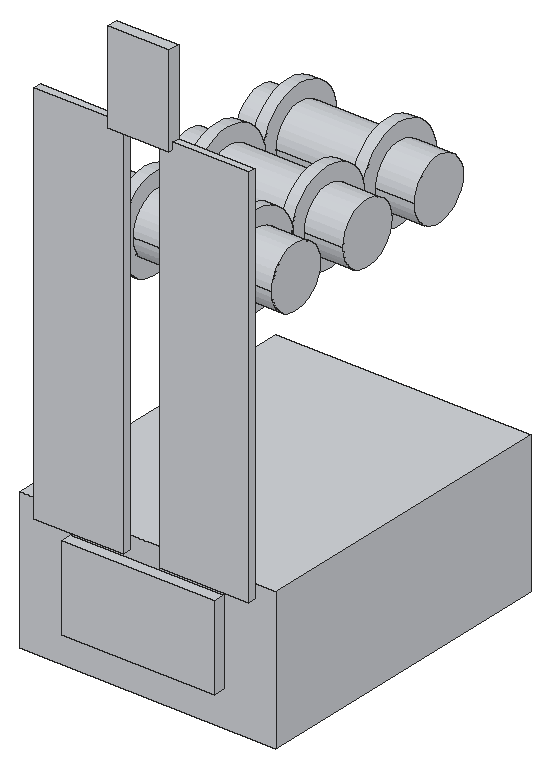
Revit family "GIS_CircuitBreaker", category Equipamento elétrico, Revit 2027
Family settings
  Configuração do painel = Duas colunas, circuitos transversais
  Cota do conector redondo = Utilizar diâmetro
  Tipo de parte = Painel de controle
  Com base no plano de trabalho = Não
  Sempre na vertical = Sim
  Corte com vazios quando carregada = Não
  Manter orientação da anotação = Não
  Compartilhado = Não
  Ponto de cálculo do ambiente = Não
Parameters (values of type "GIS_CB_145KV_STUDY")
  Default Elevation = 0 mm
  built-in parameter 1140142 [instance] = (empty or 0)
  built-in parameter 1140140 [instance] = 1 (stored number, unit not read)
  BIM_TensaoSecundaria_kV = 0
  BIM_TensaoNominal_kV = 138
  BIM_TensaoClasse_kV = 145
  BIM_TensaoClasseSecundaria_kV = 0
  BIM_TensaoAuxiliarCA_kV = 0
  BIM_Sistema_Elemento [instance] = ""
  BIM_ReferenciaCatalogo = "GE Vernova F35 145 kV product family; device envelope estimated"
  BIM_Profundidade = 1000 mm
  BIM_Potencia_MVA = 0
  BIM_Localizacao [instance] = ""
  BIM_Largura = 800 mm
  BIM_Impedancia_pu = 0
  BIM_FonteGeometria = "GE Vernova F35 145 kV product family; device envelope estimated"
  BIM_Fabricante = "NAO SELECIONADO"
  BIM_EstadoGeometria = "ESTIMATED"
  BIM_EstadoEspecificacao = "PREMISSA / NAO SELECIONADO"
  BIM_DescricaoEstudo = "Elemento esquemático de disjuntor GIS; sem detalhamento interno, rating ou desenho de fabricação."
  BIM_CorrenteReferenciaSecundaria_A = 0
  BIM_CorrenteNominal_A = 0
  BIM_Bay [instance] = ""
  BIM_AlturaCorpoPrincipal = 440 mm
  BIM_Altura = 2200 mm
  built-in parameter 1155100 [instance] = (empty or 0)
Reference planes
  plane 1 "Centro (Frente/Trás)": y = 0
  plane 2: z = 0
  plane 3 "Centro (Esquerda/Direita)": x = 0
  plane 4 "BIM Left": x = -400
  plane 5 "BIM Right": x = 400
  plane 6 "BIM Front": y = -500
  plane 7 "BIM Back": y = 500
Forms (mm)
  Extrusion 1, solid
    sketch origin (0, 0, 0) x (1, 0, 0) y (0, 1, 0)
      loop
        line (-400, -500) -> (400, -500) -> (400, 500) -> (-400, 500) -> (-400, -500)
    from 0 to 440 <- "BIM_AlturaCorpoPrincipal"
  Extrusion 2, solid
    sketch origin (0, 0, 396) x (1, 0, 0) y (0, 1, 0)
      loop
        line (-336, -524.384) -> (-56, -524.384) -> (-56, -500) -> (-336, -500) -> (-336, -524.384)
    from 0 to 1210
  Extrusion 3, solid
    sketch origin (0, 0, 396) x (1, 0, 0) y (0, 1, 0)
      loop
        line (56, -524.384) -> (336, -524.384) -> (336, -500) -> (56, -500) -> (56, -524.384)
    from 0 to 1210
  Extrusion 4, solid
    sketch origin (0, 0, 110) x (1, 0, 0) y (0, 1, 0)
      loop
        line (-240, -536.576) -> (240, -536.576) -> (240, -500) -> (-240, -500) -> (-240, -536.576)
    from 0 to 264
  Extrusion 5, solid
    sketch origin (0, 0, 1584) x (1, 0, 0) y (0, 1, 0)
      loop
        line (-96, -536.576) -> (96, -536.576) -> (96, -500) -> (-96, -500) -> (-96, -536.576)
    from 0 to 286
  Extrusion 6, solid
    sketch origin (-272, -280, 1188) x (0, 1, 0) y (0, 0, 1)
      loop
        circle (0, 0) r 95
    from 0 to 560
  Extrusion 7, solid
    sketch origin (-184, -280, 1188) x (0, 1, 0) y (0, 0, 1)
      loop
        circle (0, 0) r 145
      loop
        circle (0, 0) r 95
    from 0 to 36
  Extrusion 8, solid
    sketch origin (128, -280, 1188) x (0, 1, 0) y (0, 0, 1)
      loop
        circle (0, 0) r 145
      loop
        circle (0, 0) r 95
    from 0 to 36
  Extrusion 9, solid
    sketch origin (-272, 0, 1188) x (0, 1, 0) y (0, 0, 1)
      loop
        circle (0, 0) r 95
    from 0 to 560
  Extrusion 10, solid
    sketch origin (-184, 0, 1188) x (0, 1, 0) y (0, 0, 1)
      loop
        circle (0, 0) r 145
      loop
        circle (0, 0) r 95
    from 0 to 36
  Extrusion 11, solid
    sketch origin (128, 0, 1188) x (0, 1, 0) y (0, 0, 1)
      loop
        circle (0, 0) r 145
      loop
        circle (0, 0) r 95
    from 0 to 36
  Extrusion 12, solid
    sketch origin (-272, 280, 1188) x (0, 1, 0) y (0, 0, 1)
      loop
        circle (0, 0) r 95
    from 0 to 560
  Extrusion 13, solid
    sketch origin (-184, 280, 1188) x (0, 1, 0) y (0, 0, 1)
      loop
        circle (0, 0) r 145
      loop
        circle (0, 0) r 95
    from 0 to 36
  Extrusion 14, solid
    sketch origin (128, 280, 1188) x (0, 1, 0) y (0, 0, 1)
      loop
        circle (0, 0) r 145
      loop
        circle (0, 0) r 95
    from 0 to 36
Dimensions and locks
  "BIM_Largura": plane 4 "BIM Left" to plane 5 "BIM Right"
  "BIM_Profundidade": plane 6 "BIM Front" to plane 7 "BIM Back"
  aligned and locked: level to plane 2
  aligned and locked: plane 4 "BIM Left" to Extrusion 1
  aligned and locked: Extrusion 1 to plane 5 "BIM Right"
  aligned and locked: Extrusion 1 to plane 6 "BIM Front"
  aligned and locked: plane 7 "BIM Back" to Extrusion 1
Automatic sketch dimensions
  Extrusion 1 sketch curve to plane 4 "BIM Left" = 0 mm
  Extrusion 1 sketch curve to plane 5 "BIM Right" = 0 mm
  Extrusion 1 sketch curve to plane 6 "BIM Front" = 0 mm
  Extrusion 1 sketch curve to plane 7 "BIM Back" = 0 mm
  Extrusion 2 sketch curve to plane 6 "BIM Front" = 0 mm
  Extrusion 2 sketch curve to plane 6 "BIM Front" = 24.384 mm
  Extrusion 2 sketch curve to plane 4 "BIM Left" = 64 mm
  Extrusion 2 sketch curve to plane 3 "Centro (Esquerda/Direita)" = 56 mm
  Extrusion 3 sketch curve to plane 6 "BIM Front" = 0 mm
  Extrusion 3 sketch curve to plane 6 "BIM Front" = 24.384 mm
  plane 3 "Centro (Esquerda/Direita)" to Extrusion 3 sketch curve = 56 mm
  plane 5 "BIM Right" to Extrusion 3 sketch curve = 64 mm
  Extrusion 4 sketch curve to plane 6 "BIM Front" = 0 mm
  Extrusion 4 sketch curve to plane 6 "BIM Front" = 36.576 mm
  Extrusion 4 sketch curve to plane 4 "BIM Left" = 160 mm
  plane 5 "BIM Right" to Extrusion 4 sketch curve = 160 mm
  Extrusion 5 sketch curve to plane 6 "BIM Front" = 0 mm
  Extrusion 5 sketch curve to plane 6 "BIM Front" = 36.576 mm
  Extrusion 5 sketch curve to plane 3 "Centro (Esquerda/Direita)" = 96 mm
  plane 3 "Centro (Esquerda/Direita)" to Extrusion 5 sketch curve = 96 mm
  Extrusion 6 sketch curve to Extrusion 6 sketch curve = 0 mm  (x2)
  plane 6 "BIM Front" to Extrusion 6 sketch curve = 220 mm
  level to Extrusion 6 sketch curve = 1188 mm
  Extrusion 6 sketch curve to Extrusion 6 sketch curve = 95 mm
  Extrusion 7 sketch curve to Extrusion 7 sketch curve = 0 mm  (x12)
  plane 6 "BIM Front" to Extrusion 7 sketch curve = 220 mm
  level to Extrusion 7 sketch curve = 1188 mm
  Extrusion 7 sketch curve to Extrusion 7 sketch curve = 95 mm
  Extrusion 7 sketch curve to Extrusion 7 sketch curve = 50 mm
  Extrusion 8 sketch curve to Extrusion 8 sketch curve = 0 mm  (x12)
  plane 6 "BIM Front" to Extrusion 8 sketch curve = 220 mm
  level to Extrusion 8 sketch curve = 1188 mm
  Extrusion 8 sketch curve to Extrusion 8 sketch curve = 95 mm
  Extrusion 8 sketch curve to Extrusion 8 sketch curve = 50 mm
  Extrusion 9 sketch curve to Extrusion 9 sketch curve = 0 mm  (x2)
  Extrusion 9 sketch curve to plane 1 "Centro (Frente/Trás)" = 0 mm
  level to Extrusion 9 sketch curve = 1188 mm
  Extrusion 9 sketch curve to Extrusion 9 sketch curve = 95 mm
  Extrusion 10 sketch curve to Extrusion 10 sketch curve = 0 mm  (x12)
  Extrusion 10 sketch curve to plane 1 "Centro (Frente/Trás)" = 0 mm
  level to Extrusion 10 sketch curve = 1188 mm
  Extrusion 10 sketch curve to Extrusion 10 sketch curve = 95 mm
  Extrusion 10 sketch curve to Extrusion 10 sketch curve = 50 mm
  Extrusion 11 sketch curve to Extrusion 11 sketch curve = 0 mm  (x12)
  Extrusion 11 sketch curve to plane 1 "Centro (Frente/Trás)" = 0 mm
  level to Extrusion 11 sketch curve = 1188 mm
  Extrusion 11 sketch curve to Extrusion 11 sketch curve = 95 mm
  Extrusion 11 sketch curve to Extrusion 11 sketch curve = 50 mm
  Extrusion 12 sketch curve to Extrusion 12 sketch curve = 0 mm  (x2)
  Extrusion 12 sketch curve to plane 7 "BIM Back" = 220 mm
  level to Extrusion 12 sketch curve = 1188 mm
  Extrusion 12 sketch curve to Extrusion 12 sketch curve = 95 mm
  Extrusion 13 sketch curve to Extrusion 13 sketch curve = 0 mm  (x12)
  Extrusion 13 sketch curve to plane 7 "BIM Back" = 220 mm
  level to Extrusion 13 sketch curve = 1188 mm
  Extrusion 13 sketch curve to Extrusion 13 sketch curve = 95 mm
  Extrusion 13 sketch curve to Extrusion 13 sketch curve = 50 mm
  Extrusion 14 sketch curve to Extrusion 14 sketch curve = 0 mm  (x12)
  Extrusion 14 sketch curve to plane 7 "BIM Back" = 220 mm
  level to Extrusion 14 sketch curve = 1188 mm
  Extrusion 14 sketch curve to Extrusion 14 sketch curve = 95 mm
  Extrusion 14 sketch curve to Extrusion 14 sketch curve = 50 mm
